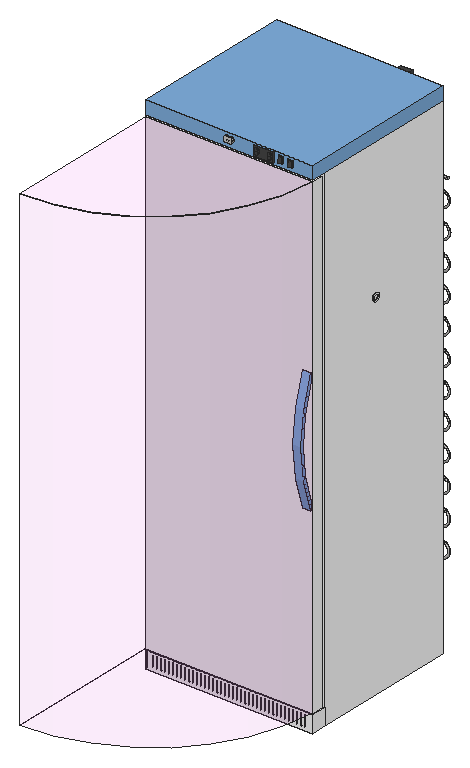
Revit family "QF_Summit_ARS15PV_Pharma_Vac_All_Refrigerator", category Specialty Equipment, Revit 2020
Family settings
  Round Connector Dimension = Use Diameter
  Part Type = Normal
  Work Plane-Based = No
  Always vertical = Yes
  Cut with Voids When Loaded = No
  Shared = No
  Room Calculation Point = No
Parameters
  Weight in Pounds = 200
  Watts = if(Phase = 3, Volts * FL Amps * 1.73, Volts * FL Amps)  # 161 W
  Volts = 115 V
  Ventilation Remarks = ""
  URL Cutsheet = ""
  Specification by User = ""
  Specification by Manufacturer = ""
  Show RHD [instance] = yes
  Show LHD [instance] = not(Show RHD)  # no
  Show Clearance [instance] = yes
  Serial Number = ""
  Seismic Rating = ""
  SMACNA No = ""
  Revision Code = ""
  Refrigerant Volume = 0.00 kip
  Refrigerant Type = "R600a"
  Phase = 1
  Number of Poles = 1
  NAFEM Spec ID Number = ""
  Model = "ARS15PV"
  Min Ckt Ampacity = 0 A
  Max Overcurrent Protection = 0 A
  Masterspec = ""
  Manufacturer = "Summit"
  Length = 23 3/8"
  Item Number = ""
  Installed By = ""
  Identify Quantity as Lot = yes
  Height = 72"
  HP = ""
  Furnished By = ""
  Foodservice Equipment Identifier = yes
  FL Amps = 1.4 A
  Electrical Remarks = ""
  Electric Connection Type = ""
  Elec Conn RI Height = 0"
  Elec Conn Connection Height = 0"
  Description = "Pharma-Vac All-Refrigerator"
  Depth = 24 3/8"
  Default Elevation = 0"
  Cycle = 60 Hz
  Conn Plug = ""
  Conn Conduit = yes
  CSI MasterFormat = ""
  Base Height [instance] = 1/2"
  BTUH = 0.0 Btu/h
  Apparent Power = if(Phase = 3, Volts * FL Amps * 1.73, Volts * FL Amps)  # 161 VA
Reference planes (in)
  plane 1 "BACK": y = 0
  plane 2: z = 0
  plane 3 "LEFT": x = 0
  plane 4 "RIGHT": x = 23.375
  plane 5 "FRONT": y = -24.375
  plane 6 "TOP": z = 72
  plane 7 "Center Y": x = 11.6875
  plane 8 "Center X": y = -12.1875
  plane 9 "Base Height": z = 0.5
  plane 10: y = -46.5
  plane 11: z = 70.125
  plane 12: y = -1.5
  plane 13: y = -22.25
  plane 14: y = -26.125
  plane 15: z = 60
  plane 16: x = 0.2118
  plane 17: x = 23.07085
  plane 18: z = 69.875
  plane 19: z = 59.0625
  plane 20: z = 47.0625
  plane 21: z = 50.75
Forms (in)
  Extrusion 1, solid, material "QF_Plastic_White_Smooth"
    sketch origin (0, 0, 0.5) x (-1, 0, 0) y (0, -1, 0)
      loop
        line (0, 1.5) -> (0, 22.25) -> (-23.375, 22.25) -> (-23.375, 1.5) -> (0, 1.5)
    from 0 to 2.375
  Extrusion 2, solid, material "QF_Plastic_Light_Blue_Smooth"
    sketch origin (0, 0, 72) x (-1, 0, 0) y (0, -1, 0)
      loop
        line (0, 1.5) -> (0, 24.375) -> (-23.375, 24.375) -> (-23.375, 1.5) -> (0, 1.5)
    from -1.875 to 0
  Extrusion 3, solid, material "QF_Plastic_White_Smooth"
    sketch origin (23.375, -22.75, 0.5) x (-1, 0, 0) y (0, 0, -1)
      loop
        line (0, -69.375) -> (23.375, -69.375) -> (23.375, -2.5) -> (0, -2.5) -> (0, -69.375)
    from 0 to 1.625
  Extrusion 4, solid, material "QF_Rubber - Black - Smooth"
    sketch origin (0, -1.5, 0.5) x (1, 0, 0) y (0, 0, -1)
      loop
        circle (20.85407, -2.95918) r 0.25
    from 0 to 0.0625
  Revolve 5, solid, material "QF_Rubber - Black - Smooth"
    sketch origin (0, -3, 0) x (1, 0, 0) y (0, 0, 1)
      loop
        line (21.875, 0.5) -> (21.59375, 0.5) -> (21.59375, 0.375) -> (21.125, 0.375) -> (21.125, 0) -> (21.875, 0) -> (21.875, 0.5)
      axis (21.875, 0) -> (21.875, 0.5)
    angle from 0 to 360
  Revolve 6, solid, material "QF_Rubber - Black - Smooth"
    sketch origin (-14.5, -3, 0) x (1, 0, 0) y (0, 0, 1)
      loop
        line (16, 0.5) -> (15.71875, 0.5) -> (15.71875, 0.375) -> (15.25, 0.375) -> (15.25, 0) -> (16, 0) -> (16, 0.5)
      axis (16, 0) -> (16, 0.5)
    angle from 0 to 360
  Revolve 7, solid, material "QF_Rubber - Black - Smooth"
    sketch origin (0, -20.75, 0) x (1, 0, 0) y (0, 0, 1)
      loop
        line (21.875, 0.5) -> (21.59375, 0.5) -> (21.59375, 0.375) -> (21.125, 0.375) -> (21.125, 0) -> (21.875, 0) -> (21.875, 0.5)
      axis (21.875, 0) -> (21.875, 0.5)
    angle from 0 to 360
  Revolve 8, solid, material "QF_Rubber - Black - Smooth"
    sketch origin (-14.5, -20.75, 0) x (1, 0, 0) y (0, 0, 1)
      loop
        line (16, 0.5) -> (15.71875, 0.5) -> (15.71875, 0.375) -> (15.25, 0.375) -> (15.25, 0) -> (16, 0) -> (16, 0.5)
      axis (16, 0) -> (16, 0.5)
    angle from 0 to 360
  Extrusion 9, solid, material "QF_Metal_Black"
    sketch origin (23.375, -24.375, 72) x (-1, 0, 0) y (0, 0, -1)
      loop
        line (8.25, 0.25) -> (8.25, 1.625) -> (5.49196, 1.625) -> (5.49196, 0.25) -> (8.25, 0.25)
      loop
        line (4.75, 0.375) -> (4.75, 1.25) -> (4.125, 1.25) -> (4.125, 0.375) -> (4.75, 0.375)
      loop
        line (3.375, 1.25) -> (2.75, 1.25) -> (2.75, 0.375) -> (3.375, 0.375) -> (3.375, 1.25)
    from 0 to 0.0625
  Extrusion 10, solid, material "QF_Metal_Black"
    sketch origin (23.375, -24.4375, 72) x (-1, 0, 0) y (0, 0, -1)
      loop
        line (7.52932, 0.87366) -> (7.52932, 0.70264)
        arc (7.52932, 0.70264) -> (7.77932, 0.45264) -> (8.02932, 0.70264) r 0.25
        line (8.02932, 0.70264) -> (8.02932, 0.87366) -> (7.52932, 0.87366)
      loop
        line (6.21264, 0.87366) -> (5.71264, 0.87366) -> (5.71264, 0.70264)
        arc (5.71264, 0.70264) -> (5.96264, 0.45264) -> (6.21264, 0.70264) r 0.25
        line (6.21264, 0.70264) -> (6.21264, 0.87366)
    from 0 to 0.125
  Extrusion 11, solid, material "QF_Metal_Black"
    sketch origin (23.375, -24.4375, 72) x (-1, 0, 0) y (0, 0, -1)
      loop
        line (8.02932, 0.90312) -> (8.02932, 1.07414)
        arc (8.02932, 1.07414) -> (7.77932, 1.32414) -> (7.52932, 1.07414) r 0.25
        line (7.52932, 1.07414) -> (7.52932, 0.90312) -> (8.02932, 0.90312)
      loop
        line (6.21264, 0.90312) -> (6.21264, 1.07414)
        arc (6.21264, 1.07414) -> (5.96264, 1.32414) -> (5.71264, 1.07414) r 0.25
        line (5.71264, 1.07414) -> (5.71264, 0.90312) -> (6.21264, 0.90312)
    from 0 to 0.125
  Extrusion 12, solid, material "QF_Metal_Black"
    sketch origin (19.25, -24.375, 71.625) x (0, 0, -1) y (0, 1, 0)
      loop
        line (0.0625, -0.0625) -> (0.0625, -0.09634) -> (0.8125, -0.21513) -> (0.8125, -0.0625) -> (0.0625, -0.0625)
    from -0.5625 to -0.0625
  Extrusion 13, solid, material "QF_Metal_Black"
    sketch origin (20.625, -24.375, 71.625) x (0, 0, -1) y (0, 1, 0)
      loop
        line (0.0625, -0.09634) -> (0.8125, -0.21513) -> (0.8125, -0.0625) -> (0.0625, -0.0625) -> (0.0625, -0.09634)
    from -0.5625 to -0.0625
  Extrusion 14, solid, material "QF_Metal - Stainless - Polished"
    sketch origin (20.90447, -24.375, 72) x (-1, 0, 0) y (0, 0, -1)
      loop
        arc (8.96647, 1.16146) -> (8.59147, 0.78646) -> (8.96647, 0.41146) r 0.375
        line (8.96647, 0.41146) -> (9.46647, 0.41146)
        arc (9.46647, 0.41146) -> (9.84147, 0.78646) -> (9.46647, 1.16146) r 0.375
        line (9.46647, 1.16146) -> (8.96647, 1.16146)
      loop
        line (9.4034, 0.77178) -> (9.4034, 0.81064) -> (9.03054, 0.81064) -> (9.03054, 0.77178) -> (9.4034, 0.77178)
    from 0 to 0.25
  Extrusion 15, solid, material "QF_Metal_Stainless_Polished"
    sketch origin (0, -1.5, 10.3125) x (1, 0, 0) y (0, 0, -1)
      loop
        circle (21.55742, -37) r 0.25
      loop
        circle (1.88463, -37) r 0.25
      loop
        circle (21.55742, -25) r 0.25
      loop
        circle (1.88463, -25) r 0.25
      loop
        circle (21.55742, -49) r 0.25
      loop
        circle (1.88463, -49) r 0.25
      loop
        circle (21.55742, -12.875) r 0.25
      loop
        circle (1.88463, -12.875) r 0.25
      loop
        circle (21.55742, -0.875) r 0.25
      loop
        circle (1.88463, -0.875) r 0.25
    from 0 to 1.5
  Sweep 16, solid, material "QF_Metal_Stainless_Polished"
    path origin (-0.125, 0, 11.98437) x (1, 0, 0) y (0, 0, 1)
      loop
        line (23.19585, 47.76475) -> (1.35342, 47.76475)
        arc (1.35342, 47.76475) -> (0.35342, 46.76475) -> (1.35342, 45.76475) r 1
        line (1.35342, 45.76475) -> (22.17995, 45.76475)
        arc (22.17995, 45.76475) -> (23.17995, 44.76475) -> (22.17995, 43.76475) r 1
        line (22.17995, 43.76475) -> (1.34929, 43.76475)
        arc (1.34929, 43.76475) -> (0.34929, 42.76475) -> (1.34929, 41.76475) r 1
        line (1.34929, 41.76475) -> (22.21065, 41.76475)
        arc (22.21065, 41.76475) -> (23.21065, 40.76475) -> (22.21065, 39.76475) r 1
        line (22.21065, 39.76475) -> (1.32211, 39.76475)
        arc (1.32211, 39.76475) -> (0.32211, 38.76475) -> (1.32211, 37.76475) r 1
        line (1.32211, 37.76475) -> (22.17976, 37.76475)
        arc (22.17976, 37.76475) -> (23.17976, 36.76475) -> (22.17976, 35.76475) r 1
        line (22.17976, 35.76475) -> (1.34954, 35.76475)
        arc (1.34954, 35.76475) -> (0.34954, 34.76475) -> (1.34954, 33.76475) r 1
        line (1.34954, 33.76475) -> (22.17776, 33.76475)
        arc (22.17776, 33.76475) -> (23.17776, 32.76475) -> (22.17776, 31.76475) r 1
        line (22.17776, 31.76475) -> (1.39695, 31.76475)
        arc (1.39695, 31.76475) -> (0.39695, 30.76475) -> (1.39695, 29.76475) r 1
        line (1.39695, 29.76475) -> (22.19585, 29.76475)
        arc (22.19585, 29.76475) -> (23.19585, 28.76475) -> (22.19585, 27.76475) r 1
        line (22.19585, 27.76475) -> (1.3368, 27.76475)
        arc (1.3368, 27.76475) -> (0.3368, 26.76475) -> (1.3368, 25.76475) r 1
        line (1.3368, 25.76475) -> (22.19548, 25.76475)
        arc (22.19548, 25.76475) -> (23.19548, 24.76475) -> (22.19548, 23.76475) r 1
        line (22.19548, 23.76475) -> (1.33704, 23.76475)
        arc (1.33704, 23.76475) -> (0.33704, 22.76475) -> (1.33704, 21.76475) r 1
        line (1.33704, 21.76475) -> (22.19629, 21.76475)
        arc (22.19629, 21.76475) -> (23.19629, 20.76475) -> (22.19629, 19.76475) r 1
        line (22.19629, 19.76475) -> (1.33589, 19.76475)
        arc (1.33589, 19.76475) -> (0.33589, 18.76475) -> (1.33589, 17.76475) r 1
        line (1.33589, 17.76475) -> (22.1852, 17.76475)
        arc (22.1852, 17.76475) -> (23.1852, 16.76475) -> (22.1852, 15.76475) r 1
        line (22.1852, 15.76475) -> (1.33204, 15.76475)
        arc (1.33204, 15.76475) -> (0.33204, 14.76475) -> (1.33204, 13.76475) r 1
        line (1.33204, 13.76475) -> (22.17917, 13.76475)
        arc (22.17917, 13.76475) -> (23.17917, 12.76475) -> (22.17917, 11.76475) r 1
        line (22.17917, 11.76475) -> (1.3323, 11.76475)
        arc (1.3323, 11.76475) -> (0.3323, 10.76475) -> (1.3323, 9.76475) r 1
        line (1.3323, 9.76475) -> (22.16184, 9.76475)
        arc (22.16184, 9.76475) -> (23.16184, 8.76475) -> (22.16184, 7.76475) r 1
        line (22.16184, 7.76475) -> (1.36686, 7.76475)
        arc (1.36686, 7.76475) -> (0.36686, 6.76475) -> (1.36686, 5.76475) r 1
        line (1.36686, 5.76475) -> (22.10178, 5.76475)
        arc (22.10178, 5.76475) -> (23.16385, 4.70269) -> (22.10178, 3.64063) r 1.06206
        line (22.10178, 3.64063) -> (1.29095, 3.64063)
        arc (1.29095, 3.64063) -> (0.29095, 2.64063) -> (1.29095, 1.64063) r 1
        line (1.29095, 1.64063) -> (22.13128, 1.64063)
        arc (22.13128, 1.64063) -> (23.13128, 0.64063) -> (22.13128, -0.35937) r 1
        line (22.13128, -0.35937) -> (0.3368, -0.35937)
    profile origin (11.6714, 0, 41.74913) x (0, 0, 1) y (0, -1, 0)
      loop
        circle (0.09375, 0.09375) r 0.09375
  Extrusion 17, solid, material "QF_Plastic_White_Smooth"
    sketch origin (23.375, -1.5, 14.75) x (0, -1, 0) y (0, 0, -1)
      loop
        circle (12, -36) r 0.5
      loop
        circle (12, -36) r 0.40625
    from 0 to 0.25
  Extrusion 18, solid, material "QF_Metal_Black"
    sketch origin (0, -1.5, 72) x (1, 0, 0) y (0, 0, -1)
      loop
        line (18.375, 0.25) -> (18.375, 1.625) -> (16.625, 1.625) -> (16.625, 0.25) -> (18.375, 0.25)
    from 0 to 0.96936
  Extrusion 19, solid, material "QF_Clearances_Door_Drawer", visible <- "Show LHD"
    sketch origin (0, 0, 0.5) x (-1, 0, 0) y (0, -1, 0)
      loop
        arc (0.01706, 24.375) -> (-7.26693, 40.09846) -> (-23.375, 46.48701) r 23.3767
        line (-23.375, 46.48701) -> (-23.375, 24.375) -> (0.01706, 24.375)
    from 2.5 to 69.375
  Extrusion 20, solid, material "QF_Plastic_White_Smooth"
    sketch origin (23.375, -22.25, 0.5) x (-1, 0, 0) y (0, 0, -1)
      loop
        line (23.375, -2.375) -> (23.375, 0) -> (0, 0) -> (0, -2.375) -> (23.375, -2.375)
      loop
        line (23.3125, -0.0625) -> (0.0625, -0.0625) -> (0.0625, -2.3125) -> (23.3125, -2.3125) -> (23.3125, -0.0625)
    from 0 to 2.125
  Extrusion 21, solid, material "QF_Plastic_White_Smooth"
    sketch origin (23.375, -24.375, 0.5) x (-1, 0, 0) y (0, 0, -1)
      loop
        line (23.375, 0) -> (0, 0) -> (0, -2.375) -> (23.375, -2.375) -> (23.375, 0)
      loop
        arc (22.28125, -1.90625) -> (22.375, -2) -> (22.46875, -1.90625) r 0.09375
        line (22.46875, -1.90625) -> (22.46875, -0.59375)
        arc (22.46875, -0.59375) -> (22.375, -0.5) -> (22.28125, -0.59375) r 0.09375
        line (22.28125, -0.59375) -> (22.28125, -1.90625)
      loop
        arc (21.71875, -1.90625) -> (21.8125, -2) -> (21.90625, -1.90625) r 0.09375
        line (21.90625, -1.90625) -> (21.90625, -0.59375)
        arc (21.90625, -0.59375) -> (21.8125, -0.5) -> (21.71875, -0.59375) r 0.09375
        line (21.71875, -0.59375) -> (21.71875, -1.90625)
      loop
        arc (21.15625, -1.90625) -> (21.25, -2) -> (21.34375, -1.90625) r 0.09375
        line (21.34375, -1.90625) -> (21.34375, -0.59375)
        arc (21.34375, -0.59375) -> (21.25, -0.5) -> (21.15625, -0.59375) r 0.09375
        line (21.15625, -0.59375) -> (21.15625, -1.90625)
      loop
        arc (20.59375, -1.90625) -> (20.6875, -2) -> (20.78125, -1.90625) r 0.09375
        line (20.78125, -1.90625) -> (20.78125, -0.59375)
        arc (20.78125, -0.59375) -> (20.6875, -0.5) -> (20.59375, -0.59375) r 0.09375
        line (20.59375, -0.59375) -> (20.59375, -1.90625)
      loop
        arc (20.03125, -1.90625) -> (20.125, -2) -> (20.21875, -1.90625) r 0.09375
        line (20.21875, -1.90625) -> (20.21875, -0.59375)
        arc (20.21875, -0.59375) -> (20.125, -0.5) -> (20.03125, -0.59375) r 0.09375
        line (20.03125, -0.59375) -> (20.03125, -1.90625)
      loop
        arc (19.46875, -1.90625) -> (19.5625, -2) -> (19.65625, -1.90625) r 0.09375
        line (19.65625, -1.90625) -> (19.65625, -0.59375)
        arc (19.65625, -0.59375) -> (19.5625, -0.5) -> (19.46875, -0.59375) r 0.09375
        line (19.46875, -0.59375) -> (19.46875, -1.90625)
      loop
        arc (18.90625, -1.90625) -> (19, -2) -> (19.09375, -1.90625) r 0.09375
        line (19.09375, -1.90625) -> (19.09375, -0.59375)
        arc (19.09375, -0.59375) -> (19, -0.5) -> (18.90625, -0.59375) r 0.09375
        line (18.90625, -0.59375) -> (18.90625, -1.90625)
      loop
        arc (18.34375, -1.90625) -> (18.4375, -2) -> (18.53125, -1.90625) r 0.09375
        line (18.53125, -1.90625) -> (18.53125, -0.59375)
        arc (18.53125, -0.59375) -> (18.4375, -0.5) -> (18.34375, -0.59375) r 0.09375
        line (18.34375, -0.59375) -> (18.34375, -1.90625)
      loop
        arc (17.78125, -1.90625) -> (17.875, -2) -> (17.96875, -1.90625) r 0.09375
        line (17.96875, -1.90625) -> (17.96875, -0.59375)
        arc (17.96875, -0.59375) -> (17.875, -0.5) -> (17.78125, -0.59375) r 0.09375
        line (17.78125, -0.59375) -> (17.78125, -1.90625)
      loop
        arc (17.21875, -1.90625) -> (17.3125, -2) -> (17.40625, -1.90625) r 0.09375
        line (17.40625, -1.90625) -> (17.40625, -0.59375)
        arc (17.40625, -0.59375) -> (17.3125, -0.5) -> (17.21875, -0.59375) r 0.09375
        line (17.21875, -0.59375) -> (17.21875, -1.90625)
      loop
        arc (16.65625, -1.90625) -> (16.75, -2) -> (16.84375, -1.90625) r 0.09375
        line (16.84375, -1.90625) -> (16.84375, -0.59375)
        arc (16.84375, -0.59375) -> (16.75, -0.5) -> (16.65625, -0.59375) r 0.09375
        line (16.65625, -0.59375) -> (16.65625, -1.90625)
      loop
        arc (16.09375, -1.90625) -> (16.1875, -2) -> (16.28125, -1.90625) r 0.09375
        line (16.28125, -1.90625) -> (16.28125, -0.59375)
        arc (16.28125, -0.59375) -> (16.1875, -0.5) -> (16.09375, -0.59375) r 0.09375
        line (16.09375, -0.59375) -> (16.09375, -1.90625)
      loop
        arc (15.53125, -1.90625) -> (15.625, -2) -> (15.71875, -1.90625) r 0.09375
        line (15.71875, -1.90625) -> (15.71875, -0.59375)
        arc (15.71875, -0.59375) -> (15.625, -0.5) -> (15.53125, -0.59375) r 0.09375
        line (15.53125, -0.59375) -> (15.53125, -1.90625)
      loop
        arc (14.96875, -1.90625) -> (15.0625, -2) -> (15.15625, -1.90625) r 0.09375
        line (15.15625, -1.90625) -> (15.15625, -0.59375)
        arc (15.15625, -0.59375) -> (15.0625, -0.5) -> (14.96875, -0.59375) r 0.09375
        line (14.96875, -0.59375) -> (14.96875, -1.90625)
      loop
        arc (14.40625, -1.90625) -> (14.5, -2) -> (14.59375, -1.90625) r 0.09375
        line (14.59375, -1.90625) -> (14.59375, -0.59375)
        arc (14.59375, -0.59375) -> (14.5, -0.5) -> (14.40625, -0.59375) r 0.09375
        line (14.40625, -0.59375) -> (14.40625, -1.90625)
      loop
        arc (13.84375, -1.90625) -> (13.9375, -2) -> (14.03125, -1.90625) r 0.09375
        line (14.03125, -1.90625) -> (14.03125, -0.59375)
        arc (14.03125, -0.59375) -> (13.9375, -0.5) -> (13.84375, -0.59375) r 0.09375
        line (13.84375, -0.59375) -> (13.84375, -1.90625)
      loop
        arc (13.28125, -1.90625) -> (13.375, -2) -> (13.46875, -1.90625) r 0.09375
        line (13.46875, -1.90625) -> (13.46875, -0.59375)
        arc (13.46875, -0.59375) -> (13.375, -0.5) -> (13.28125, -0.59375) r 0.09375
        line (13.28125, -0.59375) -> (13.28125, -1.90625)
      loop
        arc (12.71875, -1.90625) -> (12.8125, -2) -> (12.90625, -1.90625) r 0.09375
        line (12.90625, -1.90625) -> (12.90625, -0.59375)
        arc (12.90625, -0.59375) -> (12.8125, -0.5) -> (12.71875, -0.59375) r 0.09375
        line (12.71875, -0.59375) -> (12.71875, -1.90625)
      loop
        arc (12.15625, -1.90625) -> (12.25, -2) -> (12.34375, -1.90625) r 0.09375
        line (12.34375, -1.90625) -> (12.34375, -0.59375)
        arc (12.34375, -0.59375) -> (12.25, -0.5) -> (12.15625, -0.59375) r 0.09375
        line (12.15625, -0.59375) -> (12.15625, -1.90625)
      loop
        arc (11.59375, -1.90625) -> (11.6875, -2) -> (11.78125, -1.90625) r 0.09375
        line (11.78125, -1.90625) -> (11.78125, -0.59375)
        arc (11.78125, -0.59375) -> (11.6875, -0.5) -> (11.59375, -0.59375) r 0.09375
        line (11.59375, -0.59375) -> (11.59375, -1.90625)
      loop
        arc (11.03125, -1.90625) -> (11.125, -2) -> (11.21875, -1.90625) r 0.09375
        line (11.21875, -1.90625) -> (11.21875, -0.59375)
        arc (11.21875, -0.59375) -> (11.125, -0.5) -> (11.03125, -0.59375) r 0.09375
        line (11.03125, -0.59375) -> (11.03125, -1.90625)
      loop
        arc (10.46875, -1.90625) -> (10.5625, -2) -> (10.65625, -1.90625) r 0.09375
        line (10.65625, -1.90625) -> (10.65625, -0.59375)
        arc (10.65625, -0.59375) -> (10.5625, -0.5) -> (10.46875, -0.59375) r 0.09375
        line (10.46875, -0.59375) -> (10.46875, -1.90625)
      loop
        arc (9.90625, -1.90625) -> (10, -2) -> (10.09375, -1.90625) r 0.09375
        line (10.09375, -1.90625) -> (10.09375, -0.59375)
        arc (10.09375, -0.59375) -> (10, -0.5) -> (9.90625, -0.59375) r 0.09375
        line (9.90625, -0.59375) -> (9.90625, -1.90625)
      loop
        arc (9.34375, -1.90625) -> (9.4375, -2) -> (9.53125, -1.90625) r 0.09375
        line (9.53125, -1.90625) -> (9.53125, -0.59375)
        arc (9.53125, -0.59375) -> (9.4375, -0.5) -> (9.34375, -0.59375) r 0.09375
        line (9.34375, -0.59375) -> (9.34375, -1.90625)
      loop
        arc (8.78125, -1.90625) -> (8.875, -2) -> (8.96875, -1.90625) r 0.09375
        line (8.96875, -1.90625) -> (8.96875, -0.59375)
        arc (8.96875, -0.59375) -> (8.875, -0.5) -> (8.78125, -0.59375) r 0.09375
        line (8.78125, -0.59375) -> (8.78125, -1.90625)
      loop
        arc (8.21875, -1.90625) -> (8.3125, -2) -> (8.40625, -1.90625) r 0.09375
        line (8.40625, -1.90625) -> (8.40625, -0.59375)
        arc (8.40625, -0.59375) -> (8.3125, -0.5) -> (8.21875, -0.59375) r 0.09375
        line (8.21875, -0.59375) -> (8.21875, -1.90625)
      loop
        arc (7.65625, -1.90625) -> (7.75, -2) -> (7.84375, -1.90625) r 0.09375
        line (7.84375, -1.90625) -> (7.84375, -0.59375)
        arc (7.84375, -0.59375) -> (7.75, -0.5) -> (7.65625, -0.59375) r 0.09375
        line (7.65625, -0.59375) -> (7.65625, -1.90625)
      loop
        arc (7.09375, -1.90625) -> (7.1875, -2) -> (7.28125, -1.90625) r 0.09375
        line (7.28125, -1.90625) -> (7.28125, -0.59375)
        arc (7.28125, -0.59375) -> (7.1875, -0.5) -> (7.09375, -0.59375) r 0.09375
        line (7.09375, -0.59375) -> (7.09375, -1.90625)
      loop
        arc (6.53125, -1.90625) -> (6.625, -2) -> (6.71875, -1.90625) r 0.09375
        line (6.71875, -1.90625) -> (6.71875, -0.59375)
        arc (6.71875, -0.59375) -> (6.625, -0.5) -> (6.53125, -0.59375) r 0.09375
        line (6.53125, -0.59375) -> (6.53125, -1.90625)
      loop
        arc (5.96875, -1.90625) -> (6.0625, -2) -> (6.15625, -1.90625) r 0.09375
        line (6.15625, -1.90625) -> (6.15625, -0.59375)
        arc (6.15625, -0.59375) -> (6.0625, -0.5) -> (5.96875, -0.59375) r 0.09375
        line (5.96875, -0.59375) -> (5.96875, -1.90625)
      loop
        arc (5.40625, -1.90625) -> (5.5, -2) -> (5.59375, -1.90625) r 0.09375
        line (5.59375, -1.90625) -> (5.59375, -0.59375)
        arc (5.59375, -0.59375) -> (5.5, -0.5) -> (5.40625, -0.59375) r 0.09375
        line (5.40625, -0.59375) -> (5.40625, -1.90625)
      loop
        arc (4.84375, -1.90625) -> (4.9375, -2) -> (5.03125, -1.90625) r 0.09375
        line (5.03125, -1.90625) -> (5.03125, -0.59375)
        arc (5.03125, -0.59375) -> (4.9375, -0.5) -> (4.84375, -0.59375) r 0.09375
        line (4.84375, -0.59375) -> (4.84375, -1.90625)
      loop
        arc (4.28125, -1.90625) -> (4.375, -2) -> (4.46875, -1.90625) r 0.09375
        line (4.46875, -1.90625) -> (4.46875, -0.59375)
        arc (4.46875, -0.59375) -> (4.375, -0.5) -> (4.28125, -0.59375) r 0.09375
        line (4.28125, -0.59375) -> (4.28125, -1.90625)
      loop
        arc (3.71875, -1.90625) -> (3.8125, -2) -> (3.90625, -1.90625) r 0.09375
        line (3.90625, -1.90625) -> (3.90625, -0.59375)
        arc (3.90625, -0.59375) -> (3.8125, -0.5) -> (3.71875, -0.59375) r 0.09375
        line (3.71875, -0.59375) -> (3.71875, -1.90625)
      loop
        arc (3.15625, -1.90625) -> (3.25, -2) -> (3.34375, -1.90625) r 0.09375
        line (3.34375, -1.90625) -> (3.34375, -0.59375)
        arc (3.34375, -0.59375) -> (3.25, -0.5) -> (3.15625, -0.59375) r 0.09375
        line (3.15625, -0.59375) -> (3.15625, -1.90625)
      loop
        arc (2.59375, -1.90625) -> (2.6875, -2) -> (2.78125, -1.90625) r 0.09375
        line (2.78125, -1.90625) -> (2.78125, -0.59375)
        arc (2.78125, -0.59375) -> (2.6875, -0.5) -> (2.59375, -0.59375) r 0.09375
        line (2.59375, -0.59375) -> (2.59375, -1.90625)
      loop
        arc (2.03125, -1.90625) -> (2.125, -2) -> (2.21875, -1.90625) r 0.09375
        line (2.21875, -1.90625) -> (2.21875, -0.59375)
        arc (2.21875, -0.59375) -> (2.125, -0.5) -> (2.03125, -0.59375) r 0.09375
        line (2.03125, -0.59375) -> (2.03125, -1.90625)
      loop
        arc (1.46875, -1.90625) -> (1.5625, -2) -> (1.65625, -1.90625) r 0.09375
        line (1.65625, -1.90625) -> (1.65625, -0.59375)
        arc (1.65625, -0.59375) -> (1.5625, -0.5) -> (1.46875, -0.59375) r 0.09375
        line (1.46875, -0.59375) -> (1.46875, -1.90625)
      loop
        arc (0.90625, -1.90625) -> (1, -2) -> (1.09375, -1.90625) r 0.09375
        line (1.09375, -1.90625) -> (1.09375, -0.59375)
        arc (1.09375, -0.59375) -> (1, -0.5) -> (0.90625, -0.59375) r 0.09375
        line (0.90625, -0.59375) -> (0.90625, -1.90625)
    from 0 to -0.0625
  Extrusion 22, solid, material "QF_Plastic_Light_Blue_Smooth", visible <- "Show LHD"
    sketch origin (0, 0, 8.875) x (0, 1, 0) y (0, 0, 1)
      loop
        arc (-24.375, 36.98252) -> (-26.12533, 28.25) -> (-24.375, 19.51748) r 22.65874
        line (-24.375, 19.51748) -> (-24.375, 20.75)
        arc (-24.375, 20.75) -> (-25.84013, 28.25) -> (-24.375, 35.75) r 19.92888
        line (-24.375, 35.75) -> (-24.375, 36.98252)
    from 0.24196 to 1.36696
  Extrusion 23, solid, material "QF_Plastic_White_Smooth"
    sketch origin (0, -22.25, 0.5) x (0, 1, 0) y (0, 0, -1)
      loop
        line (0, -2.375) -> (0, -4.125) -> (11.5, -4.125) -> (11.5, -10.625) -> (16.5, -10.625) -> (16.5, -60.375) -> (5, -67.375) -> (0, -67.375) -> (0, -69.625) -> (20.75, -69.625) -> (20.75, -2.375) -> (0, -2.375)
    from -1.6875 to -21.6875
  Extrusion 24, solid, material "QF_Plastic_White_Smooth"
    sketch origin (0, 0, 2.875) x (-1, 0, 0) y (0, -1, 0)
      loop
        line (-21.6875, 1.5) -> (-21.6875, 22.25) -> (-23.375, 22.25) -> (-23.375, 1.5) -> (-21.6875, 1.5)
      loop
        line (-1.6875, 22.25) -> (-1.6875, 1.5) -> (0, 1.5) -> (0, 22.25) -> (-1.6875, 22.25)
    from 0 to 67.25
  Extrusion 25, solid, material "QF_Rubber - Black - Smooth"
    sketch origin (23.375, -22.75, 0.5) x (1, 0, 0) y (0, 0, -1)
      loop
        line (-22.875, -3) -> (-22.875, -68.875) -> (-0.5, -68.875) -> (-0.5, -3) -> (-22.875, -3)
      loop
        line (-22.375, -68.375) -> (-1, -68.375) -> (-1, -3.5) -> (-22.375, -3.5) -> (-22.375, -68.375)
    from 0 to 0.5
  Extrusion 26, solid, material "QF_Plastic_Light_Blue_Smooth", visible <- "Show RHD"
    sketch origin (23.375, 0, 8.875) x (0, 1, 0) y (0, 0, -1)
      loop
        line (-24.375, -36.98252) -> (-24.375, -35.75)
        arc (-24.375, -35.75) -> (-25.84013, -28.25) -> (-24.375, -20.75) r 19.92888
        line (-24.375, -20.75) -> (-24.375, -19.51748)
        arc (-24.375, -19.51748) -> (-26.12533, -28.25) -> (-24.375, -36.98252) r 22.65874
    from 0.24196 to 1.36696
  Extrusion 27, solid, material "QF_Clearances_Door_Drawer", visible <- "Show RHD"
    sketch origin (23.375, 0, 0.5) x (1, 0, 0) y (0, 1, 0)
      loop
        line (0.01706, -24.375) -> (-23.375, -24.375) -> (-23.375, -46.48701)
        arc (-23.375, -46.48701) -> (-7.26693, -40.09846) -> (0.01706, -24.375) r 23.3767
    from 2.5 to 69.375
Cuts and joins
  joined: Extrusion 20, Extrusion 21
  joined: Extrusion 1, Extrusion 23, Extrusion 24
Lines and regions (in)
  Split face 1
    outline origin (22.75384, -24.375, 72.1416) x (-1, 0, 0) y (0, 0, -1)
      loop
        arc (21.90161, 0.89604) -> (21.88294, 0.89015) -> (21.87102, 0.87462) r 0.03255
        arc (21.87102, 0.87462) -> (21.85282, 0.84605) -> (21.82424, 0.82784) r 0.07828
        arc (21.82424, 0.82784) -> (21.78646, 0.82118) -> (21.74867, 0.82784) r 0.11047
        arc (21.74867, 0.82784) -> (21.71253, 0.87946) -> (21.74867, 0.93108) r 0.05493
        arc (21.74867, 0.93108) -> (21.80204, 0.94588) -> (21.85706, 0.95215) r 0.35291
        arc (21.85706, 0.95215) -> (21.92454, 0.96588) -> (21.98388, 1.00084) r 0.20863
        arc (21.98388, 1.00084) -> (22.01258, 1.08821) -> (21.98388, 1.17558) r 0.14738
        arc (21.98388, 1.17558) -> (21.93591, 1.21419) -> (21.87512, 1.22401) r 0.12037
        arc (21.87512, 1.22401) -> (21.8027, 1.21911) -> (21.73646, 1.18944) r 0.20635
        arc (21.73646, 1.18944) -> (21.72016, 1.1835) -> (21.70385, 1.18944) r 0.02536
        line (21.70385, 1.18944) -> (21.67733, 1.21169) -> (21.61422, 1.21169)
        arc (21.61422, 1.21169) -> (21.59448, 1.20901) -> (21.57973, 1.19561) r 0.03358
        line (21.57973, 1.19561) -> (21.5891, 1.129) -> (21.5891, 0.8541)
        arc (21.5891, 0.8541) -> (21.61527, 0.796) -> (21.66917, 0.76201) r 0.11051
        arc (21.66917, 0.76201) -> (21.73105, 0.74915) -> (21.79409, 0.74447) r 0.48335
        arc (21.79409, 0.74447) -> (21.84319, 0.74812) -> (21.89101, 0.75983) r 0.29737
        arc (21.89101, 0.75983) -> (21.93423, 0.78115) -> (21.97019, 0.81323) r 0.17873
        line (21.97019, 0.81323) -> (21.99501, 0.86898)
        arc (21.99501, 0.86898) -> (21.99348, 0.88741) -> (21.97713, 0.89604) r 0.01924
        line (21.97713, 0.89604) -> (21.90161, 0.89604)
  Split face 2
    outline origin (23.22273, -24.375, 72.13347) x (-1, 0, 0) y (0, 0, -1)
      loop
        arc (22.21736, 1.00084) -> (22.28071, 1.01423) -> (22.34154, 1.03644) r 0.45683
        arc (22.34154, 1.03644) -> (22.35686, 1.07874) -> (22.34154, 1.12104) r 0.06604
        arc (22.34154, 1.12104) -> (22.27916, 1.13913) -> (22.21678, 1.12104) r 0.11662
        arc (22.21678, 1.12104) -> (22.18529, 1.0846) -> (22.17928, 1.03683) r 0.08315
        arc (22.17928, 1.03683) -> (22.18981, 1.01142) -> (22.21521, 1.0009) r 0.03593
  Split face 3
    outline origin (22.71181, -24.375, 72.13959) x (-1, 0, 0) y (0, 0, -1)
      loop
        arc (21.03457, 0.91363) -> (21.027, 0.89762) -> (21.02763, 0.87992) r 0.03748
        arc (21.02763, 0.87992) -> (21.05705, 0.8205) -> (21.10606, 0.77583) r 0.17938
        arc (21.10606, 0.77583) -> (21.37596, 0.79069) -> (21.45567, 1.04897) r 0.23652
        arc (21.45567, 1.04897) -> (21.42228, 1.13367) -> (21.35202, 1.19157) r 0.18179
        arc (21.35202, 1.19157) -> (21.2757, 1.22001) -> (21.19425, 1.21938) r 0.22467
        arc (21.19425, 1.21938) -> (21.12428, 1.20162) -> (21.06878, 1.15545) r 0.16353
        arc (21.06878, 1.15545) -> (21.0417, 1.11335) -> (21.02194, 1.06736) r 0.30233
        arc (21.02194, 1.06736) -> (21.02194, 1.04762) -> (21.03904, 1.03774) r 0.01975
        line (21.03904, 1.03774) -> (21.10789, 1.03774)
        arc (21.10789, 1.03774) -> (21.13444, 1.04874) -> (21.14543, 1.07529) r 0.03754
        arc (21.14543, 1.07529) -> (21.23138, 1.12526) -> (21.31734, 1.07529) r 0.09891
        arc (21.31734, 1.07529) -> (21.3421, 0.99076) -> (21.32631, 0.90411) r 0.19105
        arc (21.32631, 0.90411) -> (21.29287, 0.86104) -> (21.24299, 0.83901) r 0.11135
        arc (21.24299, 0.83901) -> (21.18839, 0.84685) -> (21.1486, 0.88505) r 0.09008
        arc (21.1486, 0.88505) -> (21.14023, 0.90526) -> (21.12002, 0.91363) r 0.02858
        line (21.12002, 0.91363) -> (21.03457, 0.91363)
  Split face 4
    outline origin (23.22015, -24.375, 72.13923) x (-1, 0, 0) y (0, 0, -1)
      loop
        arc (20.92201, 0.75696) -> (20.94124, 0.76687) -> (20.94432, 0.78829) r 0.02361
        line (20.94432, 0.78829) -> (20.94432, 1.01284)
        arc (20.94432, 1.01284) -> (20.93987, 1.10413) -> (20.89808, 1.1854) r 0.216
        arc (20.89808, 1.1854) -> (20.78405, 1.2259) -> (20.67001, 1.1854) r 0.18078
        arc (20.67001, 1.1854) -> (20.65273, 1.17428) -> (20.63804, 1.18865) r 0.01649
        arc (20.63804, 1.18865) -> (20.62935, 1.20511) -> (20.61195, 1.21169) r 0.02629
        line (20.61195, 1.21169) -> (20.54988, 1.21169)
        arc (20.54988, 1.21169) -> (20.52771, 1.20251) -> (20.51853, 1.18034) r 0.03135
        line (20.51853, 1.18034) -> (20.51853, 0.79403)
        arc (20.51853, 0.79403) -> (20.52186, 0.76874) -> (20.54449, 0.75696) r 0.02762
        line (20.54449, 0.75696) -> (20.61276, 0.75696)
        arc (20.61276, 0.75696) -> (20.63453, 0.76597) -> (20.64354, 0.78774) r 0.03079
        line (20.64354, 0.78774) -> (20.64354, 1.03836)
        arc (20.64354, 1.03836) -> (20.73207, 1.12689) -> (20.8206, 1.03836) r 0.08853
        line (20.8206, 1.03836) -> (20.8206, 0.78356)
        arc (20.8206, 0.78356) -> (20.8284, 0.76475) -> (20.84721, 0.75696) r 0.0266
        line (20.84721, 0.75696) -> (20.92201, 0.75696)
  Split face 5
    outline origin (23.21726, -24.375, 72.14212) x (-1, 0, 0) y (0, 0, -1)
      loop
        arc (20.00384, 0.91363) -> (19.99626, 0.89762) -> (19.99689, 0.87992) r 0.03748
        arc (19.99689, 0.87992) -> (20.02632, 0.8205) -> (20.07532, 0.77583) r 0.17938
        arc (20.07532, 0.77583) -> (20.34522, 0.79069) -> (20.42493, 1.04897) r 0.23652
        arc (20.42493, 1.04897) -> (20.39155, 1.13367) -> (20.32128, 1.19157) r 0.18179
        arc (20.32128, 1.19157) -> (20.24496, 1.22001) -> (20.16351, 1.21938) r 0.22467
        arc (20.16351, 1.21938) -> (20.09355, 1.20162) -> (20.03805, 1.15545) r 0.16353
        arc (20.03805, 1.15545) -> (20.01097, 1.11335) -> (19.99121, 1.06736) r 0.30233
        arc (19.99121, 1.06736) -> (19.99121, 1.04762) -> (20.00831, 1.03774) r 0.01975
        line (20.00831, 1.03774) -> (20.07715, 1.03774)
        arc (20.07715, 1.03774) -> (20.1037, 1.04874) -> (20.1147, 1.07529) r 0.03754
        arc (20.1147, 1.07529) -> (20.20065, 1.12526) -> (20.2866, 1.07529) r 0.09891
        arc (20.2866, 1.07529) -> (20.31136, 0.99076) -> (20.29557, 0.90411) r 0.19105
        arc (20.29557, 0.90411) -> (20.26213, 0.86104) -> (20.21226, 0.83901) r 0.11135
        arc (20.21226, 0.83901) -> (20.15766, 0.84685) -> (20.11787, 0.88505) r 0.09008
        arc (20.11787, 0.88505) -> (20.1095, 0.90526) -> (20.08929, 0.91363) r 0.02858
        line (20.08929, 0.91363) -> (20.00384, 0.91363)
  Split face 6
    outline origin (23.21917, -24.375, 71.88324) x (-1, 0, 0) y (0, 0, -1)
      loop
        circle (19.70195, 0.72652) r 0.26828
  Split face 7
    outline origin (22.75018, -24.375, 71.89263) x (-1, 0, 0) y (0, 0, -1)
      loop
        arc (18.91304, 0.33315) -> (18.93609, 0.3427) -> (18.94564, 0.36575) r 0.0326
        line (18.94564, 0.36575) -> (18.94564, 0.92227)
        arc (18.94564, 0.92227) -> (18.94564, 0.94855) -> (18.92288, 0.96169) r 0.02628
        line (18.92288, 0.96169) -> (18.85239, 0.96169)
        arc (18.85239, 0.96169) -> (18.83272, 0.95355) -> (18.82458, 0.93389) r 0.02781
        line (18.82458, 0.93389) -> (18.82458, 0.3651)
        arc (18.82458, 0.3651) -> (18.83394, 0.34251) -> (18.85653, 0.33315) r 0.03195
        line (18.85653, 0.33315) -> (18.91304, 0.33315)
  Split face 8
    outline origin (23.22099, -24.375, 72.13935) x (-1, 0, 0) y (0, 0, -1)
      loop
        arc (18.86437, 0.58315) -> (18.8817, 0.59253) -> (18.88861, 0.61098) r 0.0281
        line (18.88861, 0.61098) -> (18.88861, 0.7767)
        arc (18.88861, 0.7767) -> (18.89805, 0.79051) -> (18.91435, 0.78674) r 0.01483
        arc (18.91435, 0.78674) -> (19.01979, 0.73657) -> (19.13057, 0.77345) r 0.15633
        arc (19.13057, 0.77345) -> (19.22738, 0.98268) -> (19.13057, 1.19191) r 0.2745
        arc (19.13057, 1.19191) -> (19.02517, 1.2248) -> (18.91977, 1.19191) r 0.1853
        arc (18.91977, 1.19191) -> (18.9035, 1.17986) -> (18.88408, 1.18561) r 0.02268
        arc (18.88408, 1.18561) -> (18.87922, 1.20376) -> (18.8622, 1.21169) r 0.02222
        line (18.8622, 1.21169) -> (18.80112, 1.21169)
        arc (18.80112, 1.21169) -> (18.77325, 1.20015) -> (18.7617, 1.17227) r 0.03942
        line (18.7617, 1.17227) -> (18.7617, 0.6151)
        arc (18.7617, 0.6151) -> (18.77106, 0.59251) -> (18.79365, 0.58315) r 0.03195
        line (18.79365, 0.58315) -> (18.86437, 0.58315)
  Split face 9
    outline origin (23.21787, -24.375, 72.13959) x (-1, 0, 0) y (0, 0, -1)
      loop
        arc (21.03457, 0.91363) -> (21.027, 0.89762) -> (21.02763, 0.87992) r 0.03748
        arc (21.02763, 0.87992) -> (21.05705, 0.8205) -> (21.10606, 0.77583) r 0.17938
        arc (21.10606, 0.77583) -> (21.37596, 0.79069) -> (21.45567, 1.04897) r 0.23652
        arc (21.45567, 1.04897) -> (21.42228, 1.13367) -> (21.35202, 1.19157) r 0.18179
        arc (21.35202, 1.19157) -> (21.2757, 1.22001) -> (21.19425, 1.21938) r 0.22467
        arc (21.19425, 1.21938) -> (21.12428, 1.20162) -> (21.06878, 1.15545) r 0.16353
        arc (21.06878, 1.15545) -> (21.0417, 1.11335) -> (21.02194, 1.06736) r 0.30233
        arc (21.02194, 1.06736) -> (21.02194, 1.04762) -> (21.03904, 1.03774) r 0.01975
        line (21.03904, 1.03774) -> (21.10789, 1.03774)
        arc (21.10789, 1.03774) -> (21.13444, 1.04874) -> (21.14543, 1.07529) r 0.03754
        arc (21.14543, 1.07529) -> (21.23138, 1.12526) -> (21.31734, 1.07529) r 0.09891
        arc (21.31734, 1.07529) -> (21.3421, 0.99076) -> (21.32631, 0.90411) r 0.19105
        arc (21.32631, 0.90411) -> (21.29287, 0.86104) -> (21.24299, 0.83901) r 0.11135
        arc (21.24299, 0.83901) -> (21.18839, 0.84685) -> (21.1486, 0.88505) r 0.09008
        arc (21.1486, 0.88505) -> (21.14023, 0.90526) -> (21.12002, 0.91363) r 0.02858
        line (21.12002, 0.91363) -> (21.03457, 0.91363)
  Split face 10
    outline origin (20.90447, -24.625, 72) x (-1, 0, 0) y (0, 0, -1)
      loop
        circle (9.21647, 0.78646) r 0.18692
  Split face 11
    outline origin (23.375, -24.375, 72) x (-1, 0, 0) y (0, 0, -1)
      loop
        spline (19.14836, 0.69981) -> (19.17683, 0.70474) -> (19.20335, 0.71919) -> (19.22612, 0.74219) -> (19.2436, 0.77216) -> (19.25459, 0.80706) -> (19.25833, 0.84451) -> (19.25459, 0.88196) -> (19.2436, 0.91685) -> (19.22612, 0.94682) -> (19.20335, 0.96982) -> (19.17683, 0.98427) -> (19.14836, 0.9892)
        spline (19.14836, 0.9892) -> (19.1199, 0.98427) -> (19.09338, 0.96982) -> (19.0706, 0.94682) -> (19.05313, 0.91685) -> (19.04214, 0.88196) -> (19.03839, 0.84451) -> (19.04214, 0.80706) -> (19.05313, 0.77216) -> (19.0706, 0.74219) -> (19.09338, 0.71919) -> (19.1199, 0.70474) -> (19.14836, 0.69981)
  Split face 12
    outline origin (23.375, -24.375, 72) x (-1, 0, 0) y (0, 0, -1)
      loop
        line (19.79271, 0.79943) -> (19.79271, 0.7258) -> (19.85554, 0.76415) -> (19.92343, 0.7276) -> (19.92331, 0.7991) -> (19.98771, 0.83901) -> (19.92235, 0.87671) -> (19.92235, 0.95214) -> (19.85762, 0.91058) -> (19.79271, 0.95013) -> (19.79271, 0.87779) -> (19.72719, 0.83997) -> (19.79271, 0.79943)
  symbolic lines
    curve 1: line (0, -1.5, 0.5) -> (23.375, -1.5, 0.5)
    curve 2: line (0, -24.375, 0.5) -> (0, -1.5, 0.5)
    curve 3: line (23.375, -24.375, 0.5) -> (0, -24.375, 0.5)
    curve 4: line (23.375, -1.5, 0.5) -> (23.375, -24.375, 0.5)
    curve 5: line (16.625, -0.53064, 0.5) -> (16.625, -1.5, 0.5)
    curve 6: line (18.375, -0.53064, 0.5) -> (16.625, -0.53064, 0.5)
    curve 7: line (18.375, -1.5, 0.5) -> (18.375, -0.53064, 0.5)
    curve 8: line (1.63057, -1.5, 0.5) -> (1.63057, -0.1875, 0.5)
    curve 9: line (2.13057, -1.5, 0.5) -> (2.13057, -0.1875, 0.5)
    curve 10: line (0.28891, -0.1875, 0.5) -> (23.16776, -0.1875, 0.5)
    curve 11: line (23.16776, 0, 0.5) -> (0.28891, 0, 0.5)
    curve 12: arc (0.28891, 0, 0.5) -> (0.19516, -0.09375, 0.5) -> (0.28891, -0.1875, 0.5) r 0.09375
    curve 13: arc (23.16776, -0.1875, 0.5) -> (23.26151, -0.09375, 0.5) -> (23.16776, 0, 0.5) r 0.09375
    curve 14: line (21.31024, -0.1875, 0.5) -> (21.31024, -1.5, 0.5)
    curve 15: line (21.81024, -0.1875, 0.5) -> (21.81024, -1.5, 0.5)
    curve 16: line (23.625, -13, 0.5) -> (23.625, -14, 0.5)
    curve 17: line (23.625, -14, 0.5) -> (23.375, -14, 0.5)
    curve 18: line (23.625, -13, 0.5) -> (23.375, -13, 0.5)
    curve 22: line (11.06172, -24.375, 0.5) -> (11.06172, -24.625, 0.5)
    curve 23: line (11.06172, -24.625, 0.5) -> (12.31328, -24.625, 0.5)
    curve 24: line (12.31328, -24.625, 0.5) -> (12.31328, -24.375, 0.5)
    curve 25: line (15.125, -24.375, 0.5) -> (15.125, -24.4375, 0.5)
    curve 26: line (15.125, -24.4375, 0.5) -> (17.875, -24.4375, 0.5)
    curve 27: line (17.875, -24.4375, 0.5) -> (17.875, -24.375, 0.5)
    curve 28: line (18.625, -24.375, 0.5) -> (18.625, -24.4375, 0.5)
    curve 29: line (18.625, -24.4375, 0.5) -> (19.25, -24.4375, 0.5)
    curve 30: line (19.25, -24.4375, 0.5) -> (19.25, -24.375, 0.5)
    curve 31: line (20, -24.375, 0.5) -> (20, -24.4375, 0.5)
    curve 32: line (20, -24.4375, 0.5) -> (20.625, -24.4375, 0.5)
    curve 33: line (20.625, -24.4375, 0.5) -> (20.625, -24.375, 0.5)
  symbolic lines, visible <- "Show LHD"
    curve 19: line (0.24196, -24.375, 0.5) -> (0.24196, -26.125, 0.5)
    curve 20: line (0.24196, -26.125, 0.5) -> (1.36696, -26.125, 0.5)
    curve 21: line (1.36696, -26.125, 0.5) -> (1.36696, -24.375, 0.5)
  symbolic lines, style "QF_Clearances_Door_Drawer", visible <- "Show LHD"
    curve 34: arc (-0.00218, -24.625, 0.5) -> (1.12209, -30.42356, 0.5) -> (3.66384, -35.75524, 0.5) r 23.3767
    curve 35: line (23.375, -24.375, 0.5) -> (3.66384, -35.75524, 0.5)
  symbolic lines, visible <- "Show RHD"
    curve 36: line (23.13304, -24.375, 0.5) -> (23.13304, -26.125, 0.5)
    curve 37: line (23.13304, -26.125, 0.5) -> (22.00804, -26.125, 0.5)
    curve 38: line (22.00804, -26.125, 0.5) -> (22.00804, -24.375, 0.5)
  symbolic lines, style "QF_Clearances_Door_Drawer", visible <- "Show RHD"
    curve 39: arc (23.37718, -24.625, 0.5) -> (22.25291, -30.42356, 0.5) -> (19.71116, -35.75524, 0.5) r 23.3767
    curve 40: line (0, -24.375, 0.5) -> (19.71116, -35.75524, 0.5)
Dimensions and locks (in)
  equal spacing: plane 3 "LEFT", plane 7 "Center Y", plane 4 "RIGHT"
  "Length": plane 3 "LEFT" to plane 4 "RIGHT"
  equal spacing: plane 5 "FRONT", plane 8 "Center X", plane 1 "BACK"
  "Depth": plane 5 "FRONT" to plane 1 "BACK"
  "Height": plane 6 "TOP" to level
  "Base Height": plane 9 "Base Height" to level
  plane 10 to plane 1 "BACK" = 46 1/2"
  plane 12 to plane 1 "BACK" = 1 1/2"
  plane 12 to plane 13 = 20 3/4"
  plane 14 to plane 5 "FRONT" = 1 3/4"
  plane 6 "TOP" to plane 11 = 1 7/8"
  plane 15 to plane 6 "TOP" = 12"
  plane 20 to plane 19 = 12"
  Extrusion 15 sketch curve to plane 20 = 11 3/4"
  plane 11 to plane 18 = 1/4"
  Extrusion 23 sketch curve to Extrusion 23 sketch curve = 63 1/4"
  plane 21 to plane 9 "Base Height" = 50 1/4"
  aligned and locked: level to plane 2
Automatic sketch dimensions
  curve 18 to plane 4 "RIGHT" = 0"
  plane 1 "BACK" to curve 11 = 0"
  plane 14 to curve 36 = 0"
  plane 5 "FRONT" to curve 36 = 0"
  curve 15 to plane 12 = 0"
  curve 21 to plane 14 = 0"
  curve 3 to plane 3 "LEFT" = 0"
  curve 16 to curve 18 = 1/4"
  plane 4 "RIGHT" to curve 34 = 0.04959"
  plane 4 "RIGHT" to curve 11 = 0.20724"
  plane 4 "RIGHT" to curve 36 = 0.24196"
  curve 36 to curve 38 = 1 1/8"
  plane 5 "FRONT" to curve 33 = 1/16"
  curve 38 to curve 33 = 1.38304"
  curve 32 to curve 31 = 5/8"
  plane 4 "RIGHT" to curve 40 = 3.66384"
  plane 5 "FRONT" to curve 29 = 1/16"
  curve 31 to curve 29 = 3/4"
  curve 29 to curve 28 = 5/8"
  plane 1 "BACK" to curve 7 = 0.53064"
  curve 10 to curve 7 = 4.79276"
  plane 5 "FRONT" to curve 27 = 1/16"
  curve 28 to curve 27 = 3/4"
  curve 6 to curve 5 = 1 3/4"
  curve 26 to curve 26 = 2 3/4"
  plane 5 "FRONT" to curve 24 = 1/4"
  plane 7 "Center Y" to curve 24 = 0.62578"
  curve 23 to plane 7 "Center Y" = 0.62578"
  plane 3 "LEFT" to curve 35 = 3.66384"
  plane 3 "LEFT" to curve 21 = 1.36696"
  plane 3 "LEFT" to curve 11 = 0.28891"
  plane 3 "LEFT" to curve 19 = 0.24196"
  plane 3 "LEFT" to curve 39 = 0.04959"
  curve 11 to curve 13 = 3/32"
  curve 16 to plane 8 "Center X" = 13/16"
  curve 16 to curve 17 = 1"
  curve 34 to plane 13 = 0.86036"
  curve 39 to plane 13 = 0.86036"
  curve 40 to plane 14 = 9.63024"
  curve 35 to plane 14 = 9.63024"
  curve 39 to plane 4 "RIGHT" = 0.00218"
  plane 4 "RIGHT" to curve 15 = 1.56476"
  curve 15 to curve 14 = 1/2"
  curve 9 to curve 10 = 1.84166"
  curve 9 to curve 8 = 1/2"
  curve 34 to plane 3 "LEFT" = 0.00218"
  Extrusion 1 sketch curve to plane 4 "RIGHT" = 0"
  Extrusion 1 sketch curve to plane 3 "LEFT" = 0"
  Extrusion 1 sketch curve to plane 12 = 0"
  Extrusion 1 sketch curve to plane 13 = 0"
  Extrusion 2 sketch curve to plane 4 "RIGHT" = 0"
  Extrusion 2 sketch curve to plane 3 "LEFT" = 0"
  Extrusion 2 sketch curve to plane 12 = 0"
  plane 5 "FRONT" to Extrusion 2 sketch curve = 0"
  plane 4 "RIGHT" to Extrusion 3 sketch curve = 0"
  Extrusion 3 sketch curve to plane 3 "LEFT" = 0"
  Extrusion 3 sketch curve to plane 18 = 0"
  plane 9 "Base Height" to Extrusion 3 sketch curve = 2 1/2"
  Extrusion 4 sketch curve to Extrusion 1 = 0.58418"
  Extrusion 4 sketch curve to Extrusion 1 = 2.52093"
  Revolve 5 sketch curve to level = 0"
  Revolve 5 sketch curve to plane 9 "Base Height" = 0"  (x2)
  Revolve 5 sketch curve to plane 9 "Base Height" = 1/8"
  plane 4 "RIGHT" to Revolve 5 sketch curve = 2 1/4"
  Revolve 5 sketch curve to Revolve 5 sketch curve = 15/32"
  Revolve 5 sketch curve to Revolve 5 sketch curve = 9/32"
  Revolve 5 sketch curve to Revolve 5 sketch curve = 0"
  Revolve 5 sketch curve to Revolve 5 sketch curve = 0.28839"
  Revolve 6 sketch curve to level = 0"
  Revolve 6 sketch curve to plane 9 "Base Height" = 0"  (x2)
  Revolve 6 sketch curve to plane 9 "Base Height" = 1/8"
  plane 3 "LEFT" to Revolve 6 sketch curve = 3/4"
  Revolve 6 sketch curve to Revolve 6 sketch curve = 15/32"
  Revolve 6 sketch curve to Revolve 6 sketch curve = 9/32"
  Revolve 6 sketch curve to Revolve 6 sketch curve = 0"
  plane 9 "Base Height" to Revolve 6 sketch curve = 0.28839"
  Revolve 7 sketch curve to level = 0"
  Revolve 7 sketch curve to plane 9 "Base Height" = 0"  (x2)
  Revolve 7 sketch curve to plane 9 "Base Height" = 1/8"
  plane 4 "RIGHT" to Revolve 7 sketch curve = 2 1/4"
  Revolve 7 sketch curve to Revolve 7 sketch curve = 15/32"
  Revolve 7 sketch curve to Revolve 7 sketch curve = 9/32"
  Revolve 7 sketch curve to Revolve 7 sketch curve = 0"
  Revolve 7 sketch curve to Revolve 7 sketch curve = 0.28839"
  Revolve 8 sketch curve to level = 0"
  Revolve 8 sketch curve to plane 9 "Base Height" = 0"  (x2)
  Revolve 8 sketch curve to plane 9 "Base Height" = 1/8"
  plane 3 "LEFT" to Revolve 8 sketch curve = 3/4"
  Revolve 8 sketch curve to Revolve 8 sketch curve = 15/32"
  Revolve 8 sketch curve to Revolve 8 sketch curve = 9/32"
  Revolve 8 sketch curve to Revolve 8 sketch curve = 0"
  Revolve 8 sketch curve to Revolve 8 sketch curve = 0.28839"
  Extrusion 2 to Extrusion 9 sketch curve = 5/8"  (x2)
  Extrusion 9 sketch curve to Extrusion 2 = 2 3/4"
  Extrusion 9 sketch curve to Extrusion 9 sketch curve = 5/8"  (x2)
  Extrusion 9 sketch curve to Extrusion 9 sketch curve = 3/4"
  Extrusion 2 to Extrusion 9 sketch curve = 1/4"  (x2)
  Extrusion 9 sketch curve to Extrusion 9 sketch curve = 0.74196"
  Extrusion 9 sketch curve to Extrusion 9 sketch curve = 2.75804"
  Extrusion 2 to Extrusion 9 sketch curve = 3/8"  (x2)
  Extrusion 10 sketch curve to Extrusion 9 = 0.22068"
  Extrusion 10 sketch curve to Extrusion 10 sketch curve = 1/4"  (x2)
  Extrusion 10 sketch curve to Extrusion 9 = 0.72068"
  Extrusion 10 sketch curve to Extrusion 9 = 0.32764"  (x2)
  Extrusion 10 sketch curve to Extrusion 10 sketch curve = 0.17103"  (x2)
  Extrusion 11 sketch curve to Extrusion 9 = 0.22068"
  Extrusion 11 sketch curve to Extrusion 9 = 0.17586"  (x2)
  Extrusion 11 sketch curve to Extrusion 11 sketch curve = 1/4"  (x2)
  Extrusion 11 sketch curve to Extrusion 9 = 0.34688"
  Extrusion 11 sketch curve to Extrusion 9 = 0.72068"
  Extrusion 11 sketch curve to Extrusion 11 sketch curve = 0.17103"
  Extrusion 12 sketch curve to Extrusion 9 = 0"
  Extrusion 12 sketch curve to Extrusion 9 = 1/16"
  Extrusion 9 to Extrusion 12 sketch curve = 1/16"
  Extrusion 12 sketch curve to Extrusion 9 = 0.03384"
  Extrusion 12 sketch curve to Extrusion 9 = 0.15263"
  Extrusion 13 sketch curve to Extrusion 9 = 0"
  Extrusion 13 sketch curve to Extrusion 9 = 1/16"
  Extrusion 9 to Extrusion 13 sketch curve = 1/16"
  Extrusion 13 sketch curve to Extrusion 9 = 0.03384"
  Extrusion 13 sketch curve to Extrusion 9 = 0.15263"
  Extrusion 2 to Extrusion 14 sketch curve = 0.78646"
  Extrusion 14 sketch curve to Extrusion 2 = 11.437"
  Extrusion 14 sketch curve to Extrusion 14 sketch curve = 0.06407"
  Extrusion 14 sketch curve to Extrusion 14 sketch curve = 0.37286"
  Extrusion 14 sketch curve to Extrusion 14 sketch curve = 0.06308"
  Extrusion 14 sketch curve to Extrusion 14 sketch curve = 0.01468"
  Extrusion 14 sketch curve to Extrusion 14 sketch curve = 0.36032"
  Extrusion 14 sketch curve to Extrusion 14 sketch curve = 0.03886"
  Split face 1 sketch curve to Extrusion 2 = 1.17411"
  Split face 1 sketch curve to Split face 1 sketch curve = 0.00936"
  Split face 1 sketch curve to Split face 1 sketch curve = 0.02894"
  Split face 1 sketch curve to Split face 1 sketch curve = 0.00555"
  Split face 1 sketch curve to Split face 1 sketch curve = 0.06311"
  Split face 1 sketch curve to Split face 1 sketch curve = 0.10957"
  Split face 1 sketch curve to Split face 1 sketch curve = 0.02652"
  Split face 1 sketch curve to Split face 1 sketch curve = 0.0163"  (x2)
  Split face 1 sketch curve to Split face 1 sketch curve = 0.06879"
  Split face 1 sketch curve to Split face 1 sketch curve = 0.01899"
  Split face 1 sketch curve to Split face 1 sketch curve = 0.01018"
  Split face 1 sketch curve to Split face 1 sketch curve = 0.01101"
  Split face 1 sketch curve to Split face 1 sketch curve = 5/64"
  Split face 1 sketch curve to Split face 1 sketch curve = 0.03682"
  Split face 1 sketch curve to Split face 1 sketch curve = 0.0515"
  Split face 1 sketch curve to Split face 1 sketch curve = 0.05598"
  Split face 1 sketch curve to Split face 1 sketch curve = 0.01258"
  Split face 1 sketch curve to Split face 1 sketch curve = 0.10191"
  Split face 1 sketch curve to Split face 1 sketch curve = 0.02175"
  Split face 1 sketch curve to Split face 1 sketch curve = 0.06732"
  Split face 1 sketch curve to Split face 1 sketch curve = 0.06858"
  Split face 1 sketch curve to Split face 1 sketch curve = 0.07553"
  Split face 1 sketch curve to Split face 1 sketch curve = 0.0003"
  Split face 1 sketch curve to Split face 1 sketch curve = 0.01757"
  Split face 1 sketch curve to Extrusion 2 = 0.45786"
  Split face 1 sketch curve to Split face 1 sketch curve = 0.21378"
  Split face 1 sketch curve to Split face 1 sketch curve = 0.25464"
  Split face 1 sketch curve to Split face 1 sketch curve = 0.05026"
  Split face 1 sketch curve to Split face 1 sketch curve = 0.01442"
  Split face 1 sketch curve to Split face 1 sketch curve = 0.05575"
  Split face 1 sketch curve to Split face 1 sketch curve = 1/128"
  Split face 1 sketch curve to Split face 1 sketch curve = 0.01095"
  Split face 1 sketch curve to Split face 1 sketch curve = 0.02193"
  Split face 1 sketch curve to Split face 1 sketch curve = 0.02792"
  Split face 1 sketch curve to Split face 1 sketch curve = 0.03025"
  Split face 1 sketch curve to Split face 1 sketch curve = 0.08957"
  Split face 1 sketch curve to Split face 1 sketch curve = 0.02293"
  Split face 1 sketch curve to Split face 1 sketch curve = 0.06932"
  Split face 1 sketch curve to Split face 1 sketch curve = 0.01601"
  Split face 1 sketch curve to Split face 1 sketch curve = 0.08718"
  Split face 1 sketch curve to Split face 1 sketch curve = 0.05644"
  Split face 1 sketch curve to Split face 1 sketch curve = 0.04957"
  Split face 1 sketch curve to Split face 1 sketch curve = 0.01086"
  Split face 1 sketch curve to Split face 1 sketch curve = 0.01704"
  Split face 1 sketch curve to Split face 1 sketch curve = 0.01943"
  Split face 1 sketch curve to Split face 1 sketch curve = 0.01893"
  Split face 1 sketch curve to Split face 1 sketch curve = 0.0295"
  Split face 1 sketch curve to Split face 1 sketch curve = 0.03778"
  Split face 1 sketch curve to Split face 1 sketch curve = 0"  (x5)
  Split face 1 sketch curve to Split face 1 sketch curve = 0.03015"
  Split face 1 sketch curve to Split face 1 sketch curve = 0.02534"
  Split face 2 sketch curve to Extrusion 2 = 1.06794"
  Split face 2 sketch curve to Split face 2 sketch curve = 0.06042"
  Split face 2 sketch curve to Split face 2 sketch curve = 0.04604"
  Split face 2 sketch curve to Split face 2 sketch curve = 0.0179"
  Split face 2 sketch curve to Split face 2 sketch curve = 0.02957"
  Split face 2 sketch curve to Extrusion 2 = 0.88904"
  Split face 2 sketch curve to Split face 2 sketch curve = 0.01432"
  Split face 2 sketch curve to Split face 2 sketch curve = 0.02828"
  Split face 2 sketch curve to Split face 2 sketch curve = 0.02796"
  Split face 2 sketch curve to Split face 2 sketch curve = 0.37462"
  Split face 2 sketch curve to Split face 2 sketch curve = 0.03593"
  Split face 2 sketch curve to Split face 2 sketch curve = 0"
  Split face 2 sketch curve to Split face 2 sketch curve = 0.00215"
  Split face 2 sketch curve to Split face 2 sketch curve = 0.06238"
  Split face 2 sketch curve to Split face 2 sketch curve = 0.05071"
  Split face 3 sketch curve to Extrusion 2 = 0.77404"
  Split face 3 sketch curve to Extrusion 2 = 1.67724"
  Split face 3 sketch curve to Split face 3 sketch curve = 0.00447"
  Split face 3 sketch curve to Split face 3 sketch curve = 0.02913"
  Split face 3 sketch curve to Split face 3 sketch curve = 0.06885"
  Split face 3 sketch curve to Split face 3 sketch curve = 0.05632"
  Split face 3 sketch curve to Split face 3 sketch curve = 0.04342"
  Split face 3 sketch curve to Split face 3 sketch curve = 0.04721"
  Split face 3 sketch curve to Split face 3 sketch curve = 0.049"
  Split face 3 sketch curve to Split face 3 sketch curve = 0.02401"
  Split face 3 sketch curve to Split face 3 sketch curve = 0.00357"
  Split face 3 sketch curve to Split face 3 sketch curve = 0.00602"
  Split face 3 sketch curve to Split face 3 sketch curve = 0.03286"
  Split face 3 sketch curve to Split face 3 sketch curve = 0.00635"
  Split face 3 sketch curve to Split face 3 sketch curve = 0.04385"
  Split face 3 sketch curve to Split face 3 sketch curve = 0.03341"
  Split face 3 sketch curve to Split face 3 sketch curve = 0.02357"
  Split face 3 sketch curve to Split face 3 sketch curve = 0.02858"
  Split face 3 sketch curve to Split face 3 sketch curve = 0.04277"
  Split face 3 sketch curve to Split face 3 sketch curve = 0.00063"
  Split face 3 sketch curve to Split face 3 sketch curve = 0.02096"
  Split face 3 sketch curve to Split face 3 sketch curve = 0.02263"
  Split face 3 sketch curve to Split face 3 sketch curve = 0.02829"
  Split face 3 sketch curve to Split face 3 sketch curve = 0.05231"
  Split face 3 sketch curve to Split face 3 sketch curve = 0.02169"
  Split face 3 sketch curve to Split face 3 sketch curve = 0.02759"
  Split face 3 sketch curve to Split face 3 sketch curve = 0.00044"
  Split face 3 sketch curve to Split face 3 sketch curve = 0.05698"
  Split face 3 sketch curve to Split face 3 sketch curve = 0.02956"
  Split face 3 sketch curve to Split face 3 sketch curve = 0.01975"
  Split face 3 sketch curve to Split face 3 sketch curve = 0.03754"
  Split face 3 sketch curve to Split face 3 sketch curve = 0"  (x5)
  Split face 3 sketch curve to Split face 3 sketch curve = 0.0171"
  Split face 3 sketch curve to Split face 3 sketch curve = 0.12547"
  Split face 3 sketch curve to Split face 3 sketch curve = 0.03468"
  Split face 4 sketch curve to Extrusion 2 = 0.6548"
  Split face 4 sketch curve to Extrusion 2 = 2.70162"
  Split face 4 sketch curve to Split face 4 sketch curve = 0.02595"
  Split face 4 sketch curve to Split face 4 sketch curve = 0.03135"
  Split face 4 sketch curve to Split face 4 sketch curve = 0.06207"
  Split face 4 sketch curve to Split face 4 sketch curve = 0.06827"
  Split face 4 sketch curve to Split face 4 sketch curve = 0.03079"
  Split face 4 sketch curve to Split face 4 sketch curve = 0.04245"
